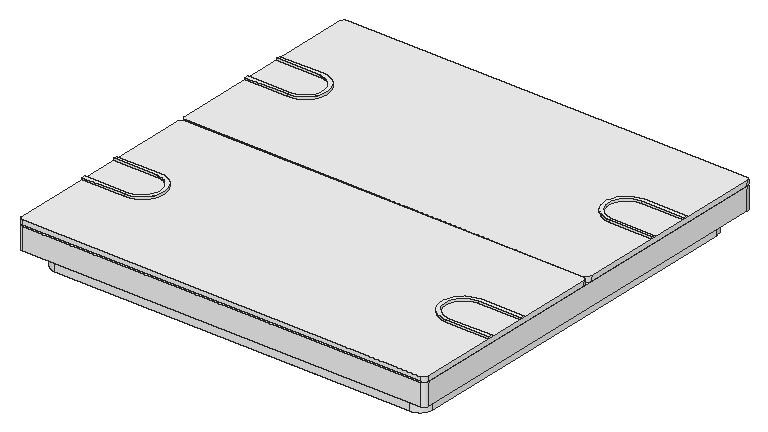
Revit family "Gira_5002003", category Electrical Fixtures, host Face, Revit 2017
Family settings
  Host = Face
  Maintain Annotation Orientation = No
  Round Connector Dimension = Use Diameter
  Part Type = Normal
  Cut with Voids When Loaded = No
  Shared = No
  Room Calculation Point = No
Parameters (values of type "KNX PB sens.4 Komfort 2-g TS4 white")
  With room temperature controller = no
  With label area = no
  With display = no
  With anti-theft/dismantling protection = yes
  With IR sensor = no
  White = White
  URL = "https://www.gira.de/"
  Type Comments = ""
  Transparent = no
  Radio frequent bidirectional = no
  Number of buttons = 2
  Model = ""
  Manufacturer = "Gira"
  Keynote = ""
  HeinzeBIM = "https://www.heinze.de/bim/knx-pb-sens-4-komfort-2-g-ts4-white/e985cbce9b3eb2b275569727d29a7a2392371b13"
  HAN = "5002003"
  GTIN = "4010337070856"
  Description = ""
  Default Elevation = 1219.2 mm
  Cost = 0
  Colour = "White"
  Bus connection included = yes
  BIMSITE_PRODUCT_ID = "e985cbce9b3eb2b275569727d29a7a2392371b13"
  BIM = "https://media.live.bim.site/t/eyJhbGciOiJIUzI1NiIsInR5cCI6IkpXVCJ9.eyJjdCI6MSwidGYiOiJwdWJsaWMvZ2lyYS8wOWY1ZGI1LzQwXzUwMDEwMCBUUzQgMmZhY2gucmZhIiwiY2lkIjoiZmVkOThlOWEtMWJkOC00YzY4LWE3M2ItNzRhOTRlMzE1ODIzIiwicmlkIjoiNWI2OTdlMTU2NGJkMjRjMDhlYzI2MGRlMTZiODY3NzAiLCJwaWQiOiJlOTg1Y2JjZTliM2ViMmIyNzU1Njk3MjdkMjlhN2EyMzkyMzcxYjEzIiwic2lkIjoiNjM0NzAiLCJ1dCI6NSwibGMiOiJlbiIsImlhdCI6MTYwNzQzODMxNywiaXNzIjoiaHR0cHM6Ly9hcGkubGl2ZS5iaW0uc2l0ZSIsInN1YiI6IjhkM2FhNWNiLWUwNjYtNDU5OC1iZTE2LTZlMTZlZTc0OTU2YSJ9.hl5zV_tPGa35InJ8aY2SmQiva2bEAmn5BxBHk-gChDY/40_500100 TS4 2fach.rfa"
  Assembly Code = ""
Reference planes
  plane 1 "Center (Front/Back)": y = 0
  plane 2: z = 0
  plane 3 "Center (Left/Right)": x = 0
Forms (mm)
  Extrusion 1, solid, material "White", detail levels fine
    sketch origin (0, 0, 0) x (1, 0, 0) y (0, 1, 0)
      loop
        line (25.45, 35.45) -> (-25.45, 35.45)
        arc (-25.45, 35.45) -> (-32.521, 32.521) -> (-35.45, 25.45) r 10
        line (-35.45, 25.45) -> (-35.45, -25.45)
        arc (-35.45, -25.45) -> (-32.521, -32.521) -> (-25.45, -35.45) r 10
        line (-25.45, -35.45) -> (25.45, -35.45)
        arc (25.45, -35.45) -> (32.521, -32.521) -> (35.45, -25.45) r 10
        line (35.45, -25.45) -> (35.45, 25.45)
        arc (35.45, 25.45) -> (32.521, 32.521) -> (25.45, 35.45) r 10
      loop
        arc (-31.325, 28.496) -> (-31.325, 25.668) -> (-28.496, 25.668) r 2
        line (-28.496, 25.668) -> (-25.668, 28.496)
        arc (-25.668, 28.496) -> (-25.668, 31.325) -> (-28.496, 31.325) r 2
        line (-28.496, 31.325) -> (-31.325, 28.496)
      loop
        arc (-28.496, -31.325) -> (-25.668, -31.325) -> (-25.668, -28.496) r 2
        line (-25.668, -28.496) -> (-28.496, -25.668)
        arc (-28.496, -25.668) -> (-31.325, -25.668) -> (-31.325, -28.496) r 2
        line (-31.325, -28.496) -> (-28.496, -31.325)
      loop
        line (31.325, 28.496) -> (28.496, 31.325)
        arc (28.496, 31.325) -> (25.668, 31.325) -> (25.668, 28.496) r 2
        line (25.668, 28.496) -> (28.496, 25.668)
        arc (28.496, 25.668) -> (31.325, 25.668) -> (31.325, 28.496) r 2
      loop
        line (28.496, -31.325) -> (31.325, -28.496)
        arc (31.325, -28.496) -> (31.325, -25.668) -> (28.496, -25.668) r 2
        line (28.496, -25.668) -> (25.668, -28.496)
        arc (25.668, -28.496) -> (25.668, -31.325) -> (28.496, -31.325) r 2
      loop
        line (-13.39, 22.831) -> (-22.831, 13.39) -> (-22.831, -13.39) -> (-13.39, -22.831) -> (13.39, -22.831) -> (22.831, -13.39) -> (22.831, 13.39) -> (13.39, 22.831) -> (-13.39, 22.831)
      loop
        arc (-1.681, 31.793) -> (-6.669, 29.581) -> (-1.417, 28.102) r 2.9
        arc (-1.417, 28.102) -> (2.178, 28.079) -> (5.741, 27.6) r 28.291
        arc (5.741, 27.6) -> (7.553, 29.282) -> (6.077, 31.265) r 1.851
        arc (6.077, 31.265) -> (2.215, 31.784) -> (-1.681, 31.793) r 29.64
      loop
        arc (1.681, -31.793) -> (6.669, -29.581) -> (1.417, -28.102) r 2.9
        arc (1.417, -28.102) -> (-2.178, -28.079) -> (-5.741, -27.6) r 28.291
        arc (-5.741, -27.6) -> (-7.553, -29.282) -> (-6.077, -31.265) r 1.851
        arc (-6.077, -31.265) -> (-2.215, -31.784) -> (1.681, -31.793) r 29.64
      loop
        arc (-31.793, -1.681) -> (-29.581, -6.669) -> (-28.102, -1.417) r 2.9
        arc (-28.102, -1.417) -> (-28.079, 2.178) -> (-27.6, 5.741) r 28.291
        arc (-27.6, 5.741) -> (-29.282, 7.553) -> (-31.265, 6.077) r 1.851
        arc (-31.265, 6.077) -> (-31.784, 2.215) -> (-31.793, -1.681) r 29.64
      loop
        arc (31.793, 1.681) -> (29.581, 6.669) -> (28.102, 1.417) r 2.9
        arc (28.102, 1.417) -> (28.079, -2.178) -> (27.6, -5.741) r 28.291
        arc (27.6, -5.741) -> (29.282, -7.553) -> (31.265, -6.077) r 1.851
        arc (31.265, -6.077) -> (31.784, -2.215) -> (31.793, 1.681) r 29.64
    from 0 to -1
  Extrusion 2, solid, material "White", detail levels medium+fine
    sketch origin (0, 0, 0) x (1, 0, 0) y (0, 1, 0)
      loop
        line (-22.831, 13.39) -> (-22.831, -13.39) -> (-13.39, -22.831) -> (13.39, -22.831) -> (22.831, -13.39) -> (22.831, 13.39) -> (13.39, 22.831) -> (-13.39, 22.831) -> (-22.831, 13.39)
    from 0 to -15.5
  Extrusion 3, solid, material "White", detail levels medium
    sketch origin (0, 0, 0) x (1, 0, 0) y (0, 1, 0)
      loop
        line (35.45, 35.45) -> (-35.45, 35.45) -> (-35.45, -35.45) -> (35.45, -35.45) -> (35.45, 35.45)
    from 0 to -1
  Extrusion 4, solid, material "White" <- "White", detail levels fine
    sketch origin (0, 0, 0) x (1, 0, 0) y (0, 1, 0)
      loop
        arc (-41.4, 44.4) -> (-43.521, 43.521) -> (-44.4, 41.4) r 3
        line (-44.4, 41.4) -> (-44.4, -41.4)
        arc (-44.4, -41.4) -> (-43.521, -43.521) -> (-41.4, -44.4) r 3
        line (-41.4, -44.4) -> (41.4, -44.4)
        arc (41.4, -44.4) -> (43.521, -43.521) -> (44.4, -41.4) r 3
        line (44.4, -41.4) -> (44.4, 41.4)
        arc (44.4, 41.4) -> (43.521, 43.521) -> (41.4, 44.4) r 3
        line (41.4, 44.4) -> (-41.4, 44.4)
      loop
        arc (-42.4, -41.4) -> (-42.107, -42.107) -> (-41.4, -42.4) r 1
        line (-41.4, -42.4) -> (41.4, -42.4)
        arc (41.4, -42.4) -> (42.107, -42.107) -> (42.4, -41.4) r 1
        line (42.4, -41.4) -> (42.4, 41.4)
        arc (42.4, 41.4) -> (42.107, 42.107) -> (41.4, 42.4) r 1
        line (41.4, 42.4) -> (-41.4, 42.4)
        arc (-41.4, 42.4) -> (-42.107, 42.107) -> (-42.4, 41.4) r 1
        line (-42.4, 41.4) -> (-42.4, -41.4)
    from 0 to 4
  Extrusion 5, solid, material "White" <- "White", detail levels medium
    sketch origin (0, 0, 0) x (1, 0, 0) y (0, 1, 0)
      loop
        line (-44.4, 44.4) -> (-44.4, -44.4) -> (44.4, -44.4) -> (44.4, 44.4) -> (-44.4, 44.4)
    from 0 to 4
  Extrusion 6, solid, material "White" <- "White", detail levels fine
    sketch origin (0, 0, 0) x (1, 0, 0) y (0, 1, 0)
      loop
        line (-46.5, -47.5) -> (46.5, -47.5)
        arc (46.5, -47.5) -> (47.207, -47.207) -> (47.5, -46.5) r 1
        line (47.5, -46.5) -> (47.5, 46.5)
        arc (47.5, 46.5) -> (47.207, 47.207) -> (46.5, 47.5) r 1
        line (46.5, 47.5) -> (-46.5, 47.5)
        arc (-46.5, 47.5) -> (-47.207, 47.207) -> (-47.5, 46.5) r 1
        line (-47.5, 46.5) -> (-47.5, -46.5)
        arc (-47.5, -46.5) -> (-47.207, -47.207) -> (-46.5, -47.5) r 1
    from 4 to 9
  Extrusion 7, solid, material "White" <- "White", detail levels medium
    sketch origin (0, 0, 0) x (1, 0, 0) y (0, 1, 0)
      loop
        line (-47.5, -47.5) -> (47.5, -47.5) -> (47.5, -0.2) -> (-47.5, -0.2) -> (-47.5, -47.5)
      loop
        line (47.5, 0.2) -> (47.5, 47.5) -> (-47.5, 47.5) -> (-47.5, 0.2) -> (47.5, 0.2)
    from 4 to 10.7
  Extrusion 8, solid, material "White" <- "White", detail levels fine
    sketch origin (0, 0, 0) x (1, 0, 0) y (0, 1, 0)
      loop
        line (-46.5, -47.5) -> (46.5, -47.5)
        arc (46.5, -47.5) -> (47.207, -47.207) -> (47.5, -46.5) r 1
        line (47.5, -46.5) -> (47.5, -1.2)
        arc (47.5, -1.2) -> (47.207, -0.493) -> (46.5, -0.2) r 1
        line (46.5, -0.2) -> (-46.5, -0.2)
        arc (-46.5, -0.2) -> (-47.207, -0.493) -> (-47.5, -1.2) r 1
        line (-47.5, -1.2) -> (-47.5, -46.5)
        arc (-47.5, -46.5) -> (-47.207, -47.207) -> (-46.5, -47.5) r 1
      loop
        line (47.5, 1.2) -> (47.5, 46.5)
        arc (47.5, 46.5) -> (47.207, 47.207) -> (46.5, 47.5) r 1
        line (46.5, 47.5) -> (-46.5, 47.5)
        arc (-46.5, 47.5) -> (-47.207, 47.207) -> (-47.5, 46.5) r 1
        line (-47.5, 46.5) -> (-47.5, 1.2)
        arc (-47.5, 1.2) -> (-47.207, 0.493) -> (-46.5, 0.2) r 1
        line (-46.5, 0.2) -> (46.5, 0.2)
        arc (46.5, 0.2) -> (47.207, 0.493) -> (47.5, 1.2) r 1
    from 9.3 to 10.3
  Extrusion 9, solid, material "White" <- "White", detail levels fine
    sketch origin (0, 0, 0) x (1, 0, 0) y (0, 1, 0)
      loop
        line (-37.5, 28.8) -> (-47.5, 28.8) -> (-47.5, 28) -> (-37.5, 28)
        arc (-37.5, 28) -> (-33.3, 23.8) -> (-37.5, 19.6) r 4.2
        line (-37.5, 19.6) -> (-47.5, 19.6) -> (-47.5, 18.8) -> (-37.5, 18.8)
        arc (-37.5, 18.8) -> (-32.5, 23.8) -> (-37.5, 28.8) r 5
      loop
        arc (37.5, 28.8) -> (32.5, 23.8) -> (37.5, 18.8) r 5
        line (37.5, 18.8) -> (47.5, 18.8) -> (47.5, 19.6) -> (37.5, 19.6)
        arc (37.5, 19.6) -> (33.3, 23.8) -> (37.5, 28) r 4.2
        line (37.5, 28) -> (47.5, 28) -> (47.5, 28.8) -> (37.5, 28.8)
      loop
        arc (-37.5, -28.8) -> (-32.5, -23.8) -> (-37.5, -18.8) r 5
        line (-37.5, -18.8) -> (-47.5, -18.8) -> (-47.5, -19.6) -> (-37.5, -19.6)
        arc (-37.5, -19.6) -> (-33.3, -23.8) -> (-37.5, -28) r 4.2
        line (-37.5, -28) -> (-47.5, -28) -> (-47.5, -28.8) -> (-37.5, -28.8)
      loop
        line (37.5, -28.8) -> (47.5, -28.8) -> (47.5, -28) -> (37.5, -28)
        arc (37.5, -28) -> (33.3, -23.8) -> (37.5, -19.6) r 4.2
        line (37.5, -19.6) -> (47.5, -19.6) -> (47.5, -18.8) -> (37.5, -18.8)
        arc (37.5, -18.8) -> (32.5, -23.8) -> (37.5, -28.8) r 5
    from 9.5 to 10.7
  Extrusion 10, solid, material "White" <- "White", detail levels coarse
    sketch origin (0, 0, 0) x (1, 0, 0) y (0, 1, 0)
      loop
        line (-47.5, -47.5) -> (47.5, -47.5) -> (47.5, 47.5) -> (-47.5, 47.5) -> (-47.5, -47.5)
    from -15.4 to 10.7
Lines and regions (mm)
  reference lines
    curve 1: line (0, 47.5, 0) -> (0, -47.5, 0)
    curve 2: line (-47.5, 0, 0) -> (47.5, 0, 0)
Dimensions and locks
  aligned and locked: plane 2 to host face
  aligned and locked: level to host face
Connectors
  electrical at (0, 0, -15.5)
    settings: on Extrusion 2, index 1, voltage 220 V, apparent load 0 VA, apparent load phase1 0 VA, apparent load phase2 0 VA, apparent load phase3 0 VA, power factor 1, load classification "Other", number of poles 1, system type 31, power factor state 1, is connector primary yes, connector utility no, sub classification motor no, connector description ""
